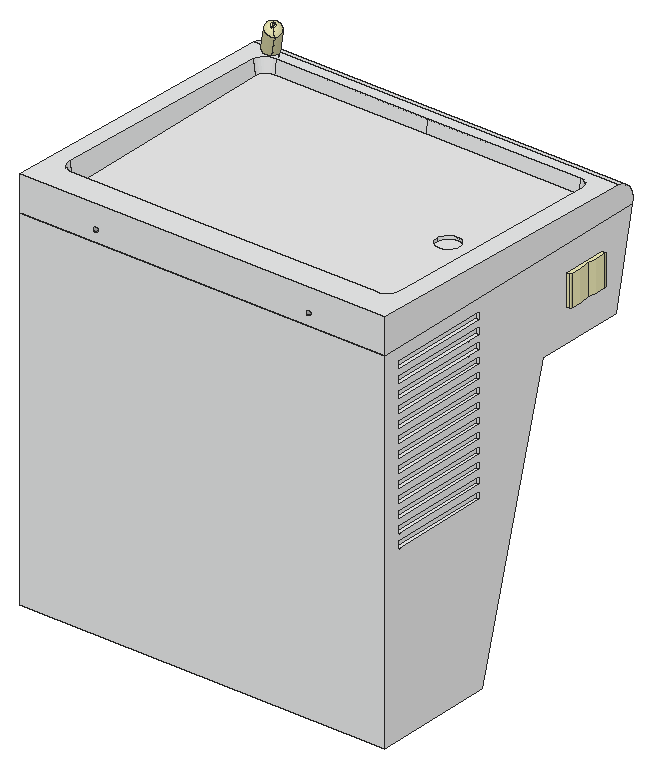
Revit family
Parameters (values of type "Adult Height")
  Wattage = 280
  Water Temperature = 50
  Waste Connection = yes
  Warranty Duration (Years) = 2
  Voltage = 120
  Vent Connection = no
  URL = "http://www.arcat.com/"
  Test Data = ""
  Specification = "http://www.arcat.com/divs/sec/sec15410.shtml"
  Sales Information = ""
  Rated Capacity (GPH) = 3.25
  Product Properties = "http://www.arcat.com/bim/bim_info.pl?fn=Drinking-Fountain_Wall-mnt"
  Product Data = "http://www.arcat.com/divs/sec/sec15410.shtml"
  Pre-Cooler = yes
  Mounting Height [instance] = 4' - 0"
  Model = "Generic"  # constant formula
  Manufacturer Website = "http://www.arcat.com/"
  Manufacturer Phone - Toll Free = ""
  Manufacturer Phone = "(203) 929-9444"  # constant formula
  Manufacturer Fax = "(203) 929-2444"  # constant formula
  Manufacturer Email = "bim@arcat.com"  # constant formula
  Manufacturer Address = "1077 Bridgeport Ave, Shelton, CT  06484"  # constant formula
  Manufacturer = "Generic"  # constant formula
  Maintenance Schedule (Months) = 12
  Keynote = "15410"
  Installation_Fabrication = ""
  Installation Phase = ""
  Handle Material = ARCAT - Metal - Brass, Polished
  HW Connection = no
  Green Building - LEED = "http://www.arcat.com/green/green_building.shtml"
  Fixture Material = ARCAT - Ceramic
  Expected Lifespan (Years) = 10
  Drawn By = "Robert S. Weygant, CSI, CDT, SCIP"  # constant formula
  Description = "Wall Mounted Drinking Fountain"  # constant formula
  Copyright = "2008, ARCAT, Inc."  # constant formula
  Construction Details = "http://www.arcat.com/divs/sec/sec15410.shtml"
  CW Connection = yes
  Building Codes = ""
  Assembly Code = "D2010810"
  Amperage = 3.3
Types (3): name | Waste Connection | Mounting Height | CW Connection
  (no name) | yes | 4' - 0" | yes
  Adult Height | yes | 4' - 0" | yes
  Child Height | no | 3' - 0" | no
Reference planes (in)
  plane 1: y = 0
  plane 2 "Center (Left/Right)": x = 0
  plane 3 "Wall Edge": y = 3
  plane 4: y = 13.20711
  plane 5: y = 20.41435
  plane 6: x = 40.05908
  plane 7: x = -40.03467
  plane 8: z = 48
  plane 9: y = 13.20711
  plane 10: y = 20.41435
  plane 11: z = 52.89893
Forms (in)
  Extrusion 1, solid, material "ARCAT - Ceramic" <- "Fixture Material"
    sketch origin (-12, 0, -4.89893) x (0, 1, 0) y (0, 0, 1)
      loop
        line (3, 29) -> (11, 29) -> (15.96147, 46.30271) -> (21.96147, 46.30271) -> (23.31118, 52.14893) -> (3, 52.14893) -> (3, 29)
    from 0 to 24
  Extrusion 2, solid, material "ARCAT - Ceramic" <- "Fixture Material"
    sketch origin (-12, 0, -4.89893) x (0, 1, 0) y (0, 0, 1)
      loop
        arc (23.31118, 52.14893) -> (23.16355, 53.20236) -> (22.23827, 53.72712) r 1.2033
        arc (22.23827, 53.72712) -> (12.62303, 54.17447) -> (3, 54.39893) r 415.44536
        line (3, 54.39893) -> (3, 52.14893) -> (23.31118, 52.14893)
    from 0 to 24
  Blend 3, void
    base sketch origin (0, 0, 48) x (1, 0, 0) y (0, 1, 0)
      loop
        line (0, 5) -> (10, 5)
        arc (10, 5) -> (10.5, 5.20711) -> (10.70711, 5.70711) r 0.70711
        line (10.70711, 5.70711) -> (10.70711, 20.70711)
        arc (10.70711, 20.70711) -> (10.5, 21.20711) -> (10, 21.41421) r 0.70711
        line (10, 21.41421) -> (0, 21.41421) -> (-10, 21.41421)
        arc (-10, 21.41421) -> (-10.5, 21.20711) -> (-10.70711, 20.70711) r 0.70711
        line (-10.70711, 20.70711) -> (-10.70711, 5.70711)
        arc (-10.70711, 5.70711) -> (-10.5, 5.20711) -> (-10, 5) r 0.70711
        line (-10, 5) -> (0, 5)
    top sketch origin (0, 0, 48) x (1, 0, 0) y (0, 1, 0)
      loop
        line (10.95711, 5.70711) -> (10.95711, 20.70711)
        arc (10.95711, 20.70711) -> (10.67678, 21.38388) -> (10, 21.66421) r 0.95711
        line (10, 21.66421) -> (0, 21.66421) -> (-10, 21.66421)
        arc (-10, 21.66421) -> (-10.67678, 21.38388) -> (-10.95711, 20.70711) r 0.95711
        line (-10.95711, 20.70711) -> (-10.95711, 5.70711)
        arc (-10.95711, 5.70711) -> (-10.67678, 5.03033) -> (-10, 4.75) r 0.95711
        line (-10, 4.75) -> (0, 4.75) -> (10, 4.75)
        arc (10, 4.75) -> (10.67678, 5.03033) -> (10.95711, 5.70711) r 0.95711
    from 0 to 2
  Extrusion 4, void
    sketch origin (11.75, 0, -4.89893) x (0, 1, 0) y (0, 0, 1)
      loop
        line (4.03935, 51.35234) -> (4.03935, 50.85234) -> (10.78935, 50.85234) -> (10.78935, 51.35234) -> (4.03935, 51.35234)
    from 0 to 0.25
  Extrusion 5, void
    sketch origin (11.75, 0, -5.78114) x (0, 1, 0) y (0, 0, 1)
      loop
        line (4.03935, 51.35234) -> (4.03935, 50.85234) -> (10.78935, 50.85234) -> (10.78935, 51.35234) -> (4.03935, 51.35234)
    from 0 to 0.25
  Extrusion 6, void
    sketch origin (11.75, 0, -6.66335) x (0, 1, 0) y (0, 0, 1)
      loop
        line (4.03935, 51.35234) -> (4.03935, 50.85234) -> (10.78935, 50.85234) -> (10.78935, 51.35234) -> (4.03935, 51.35234)
    from 0 to 0.25
  Extrusion 7, void
    sketch origin (11.75, 0, -7.54556) x (0, 1, 0) y (0, 0, 1)
      loop
        line (4.03935, 51.35234) -> (4.03935, 50.85234) -> (10.78935, 50.85234) -> (10.78935, 51.35234) -> (4.03935, 51.35234)
    from 0 to 0.25
  Extrusion 8, void
    sketch origin (11.75, 0, -8.42777) x (0, 1, 0) y (0, 0, 1)
      loop
        line (4.03935, 51.35234) -> (4.03935, 50.85234) -> (10.78935, 50.85234) -> (10.78935, 51.35234) -> (4.03935, 51.35234)
    from 0 to 0.25
  Extrusion 9, void
    sketch origin (11.75, 0, -9.30998) x (0, 1, 0) y (0, 0, 1)
      loop
        line (4.03935, 51.35234) -> (4.03935, 50.85234) -> (10.78935, 50.85234) -> (10.78935, 51.35234) -> (4.03935, 51.35234)
    from 0 to 0.25
  Extrusion 10, void
    sketch origin (11.75, 0, -10.19219) x (0, 1, 0) y (0, 0, 1)
      loop
        line (4.03935, 51.35234) -> (4.03935, 50.85234) -> (10.78935, 50.85234) -> (10.78935, 51.35234) -> (4.03935, 51.35234)
    from 0 to 0.25
  Extrusion 11, void
    sketch origin (11.75, 0, -11.0744) x (0, 1, 0) y (0, 0, 1)
      loop
        line (4.03935, 51.35234) -> (4.03935, 50.85234) -> (10.78935, 50.85234) -> (10.78935, 51.35234) -> (4.03935, 51.35234)
    from 0 to 0.25
  Extrusion 12, void
    sketch origin (11.75, 0, -11.95661) x (0, 1, 0) y (0, 0, 1)
      loop
        line (4.03935, 51.35234) -> (4.03935, 50.85234) -> (10.78935, 50.85234) -> (10.78935, 51.35234) -> (4.03935, 51.35234)
    from 0 to 0.25
  Extrusion 13, void
    sketch origin (11.75, 0, -12.83882) x (0, 1, 0) y (0, 0, 1)
      loop
        line (4.03935, 51.35234) -> (4.03935, 50.85234) -> (10.78935, 50.85234) -> (10.78935, 51.35234) -> (4.03935, 51.35234)
    from 0 to 0.25
  Extrusion 14, void
    sketch origin (11.75, 0, -13.72103) x (0, 1, 0) y (0, 0, 1)
      loop
        line (4.03935, 51.35234) -> (4.03935, 50.85234) -> (10.78935, 50.85234) -> (10.78935, 51.35234) -> (4.03935, 51.35234)
    from 0 to 0.25
  Extrusion 15, void
    sketch origin (11.75, 0, -14.60324) x (0, 1, 0) y (0, 0, 1)
      loop
        line (4.03935, 51.35234) -> (4.03935, 50.85234) -> (10.78935, 50.85234) -> (10.78935, 51.35234) -> (4.03935, 51.35234)
    from 0 to 0.25
  Extrusion 16, void
    sketch origin (11.75, 0, -15.48545) x (0, 1, 0) y (0, 0, 1)
      loop
        line (4.03935, 51.35234) -> (4.03935, 50.85234) -> (10.78935, 50.85234) -> (10.78935, 51.35234) -> (4.03935, 51.35234)
    from 0 to 0.25
  Extrusion 17, void
    sketch origin (-11.75, 0, -4.89893) x (0, 1, 0) y (0, 0, -1)
      loop
        line (4.03935, -51.35234) -> (10.78935, -51.35234) -> (10.78935, -50.85234) -> (4.03935, -50.85234) -> (4.03935, -51.35234)
    from 0 to 0.25
  Extrusion 18, void
    sketch origin (-11.75, 0, -5.78114) x (0, 1, 0) y (0, 0, -1)
      loop
        line (4.03935, -51.35234) -> (10.78935, -51.35234) -> (10.78935, -50.85234) -> (4.03935, -50.85234) -> (4.03935, -51.35234)
    from 0 to 0.25
  Extrusion 19, void
    sketch origin (-11.75, 0, -6.66335) x (0, 1, 0) y (0, 0, -1)
      loop
        line (4.03935, -51.35234) -> (10.78935, -51.35234) -> (10.78935, -50.85234) -> (4.03935, -50.85234) -> (4.03935, -51.35234)
    from 0 to 0.25
  Extrusion 20, void
    sketch origin (-11.75, 0, -7.54556) x (0, 1, 0) y (0, 0, -1)
      loop
        line (4.03935, -51.35234) -> (10.78935, -51.35234) -> (10.78935, -50.85234) -> (4.03935, -50.85234) -> (4.03935, -51.35234)
    from 0 to 0.25
  Extrusion 21, void
    sketch origin (-11.75, 0, -8.42777) x (0, 1, 0) y (0, 0, -1)
      loop
        line (4.03935, -51.35234) -> (10.78935, -51.35234) -> (10.78935, -50.85234) -> (4.03935, -50.85234) -> (4.03935, -51.35234)
    from 0 to 0.25
  Extrusion 22, void
    sketch origin (-11.75, 0, -9.30998) x (0, 1, 0) y (0, 0, -1)
      loop
        line (4.03935, -51.35234) -> (10.78935, -51.35234) -> (10.78935, -50.85234) -> (4.03935, -50.85234) -> (4.03935, -51.35234)
    from 0 to 0.25
  Extrusion 23, void
    sketch origin (-11.75, 0, -10.19219) x (0, 1, 0) y (0, 0, -1)
      loop
        line (4.03935, -51.35234) -> (10.78935, -51.35234) -> (10.78935, -50.85234) -> (4.03935, -50.85234) -> (4.03935, -51.35234)
    from 0 to 0.25
  Extrusion 24, void
    sketch origin (-11.75, 0, -11.0744) x (0, 1, 0) y (0, 0, -1)
      loop
        line (4.03935, -51.35234) -> (10.78935, -51.35234) -> (10.78935, -50.85234) -> (4.03935, -50.85234) -> (4.03935, -51.35234)
    from 0 to 0.25
  Extrusion 25, void
    sketch origin (-11.75, 0, -11.95661) x (0, 1, 0) y (0, 0, -1)
      loop
        line (4.03935, -51.35234) -> (10.78935, -51.35234) -> (10.78935, -50.85234) -> (4.03935, -50.85234) -> (4.03935, -51.35234)
    from 0 to 0.25
  Extrusion 26, void
    sketch origin (-11.75, 0, -12.83882) x (0, 1, 0) y (0, 0, -1)
      loop
        line (4.03935, -51.35234) -> (10.78935, -51.35234) -> (10.78935, -50.85234) -> (4.03935, -50.85234) -> (4.03935, -51.35234)
    from 0 to 0.25
  Extrusion 27, void
    sketch origin (-11.75, 0, -13.72103) x (0, 1, 0) y (0, 0, -1)
      loop
        line (4.03935, -51.35234) -> (10.78935, -51.35234) -> (10.78935, -50.85234) -> (4.03935, -50.85234) -> (4.03935, -51.35234)
    from 0 to 0.25
  Extrusion 28, void
    sketch origin (-11.75, 0, -14.60324) x (0, 1, 0) y (0, 0, -1)
      loop
        line (4.03935, -51.35234) -> (10.78935, -51.35234) -> (10.78935, -50.85234) -> (4.03935, -50.85234) -> (4.03935, -51.35234)
    from 0 to 0.25
  Extrusion 29, void
    sketch origin (-11.75, 0, -15.48545) x (0, 1, 0) y (0, 0, -1)
      loop
        line (4.03935, -51.35234) -> (10.78935, -51.35234) -> (10.78935, -50.85234) -> (4.03935, -50.85234) -> (4.03935, -51.35234)
    from 0 to 0.25
  Extrusion 30, solid, material "ARCAT - Metal - Brass, Polished" <- "Handle Material"
    sketch origin (0, 0.5, 43.60107) x (1, 0, 0) y (0, 1, 0)
      loop
        line (-7, 21.96147) -> (7, 21.96147) -> (7, 22.46147)
        arc (7, 22.46147) -> (6.89645, 22.71147) -> (6.64645, 22.81503) r 0.35355
        arc (6.64645, 22.81503) -> (3.32585, 23.00637) -> (0, 23.04712) r 73.42198
        arc (0, 23.04712) -> (-3.32585, 23.00637) -> (-6.64645, 22.81503) r 73.42198
        arc (-6.64645, 22.81503) -> (-6.89645, 22.71147) -> (-7, 22.46147) r 0.35355
        line (-7, 22.46147) -> (-7, 21.96147)
    from 0 to 2
  Extrusion 31, solid, material "ARCAT - Metal - Brass, Polished" <- "Handle Material"
    sketch origin (0, 0, 43.60107) x (1, 0, 0) y (0, 1, 0)
      loop
        line (12, 20.78935) -> (12, 17.86902) -> (12.24769, 17.86902)
        arc (12.24769, 17.86902) -> (12.31507, 17.90868) -> (12.31311, 17.98683) r 0.07707
        arc (12.31311, 17.98683) -> (12.33964, 18.68806) -> (12.26078, 19.38534) r 4.66931
        arc (12.26078, 19.38534) -> (12.32288, 20.01881) -> (12.29825, 20.65483) r 4.66931
        arc (12.29825, 20.65483) -> (12.31887, 20.73977) -> (12.24688, 20.78935) r 0.07707
        line (12.24688, 20.78935) -> (12, 20.78935)
    from 0 to 2
  Extrusion 32, void
    sketch origin (0, 1.43498, 47.8195) x (1, 0, 0) y (0, 1, 0)
      loop
        circle (8.00729, 11.77213) r 0.75
    from 0 to 0.25
  Revolve 33, solid, material "ARCAT - Metal - Brass, Polished" <- "Handle Material"
    sketch origin (-2.97853, 14.51895, -5.55101) x (0.717677, -0.696376, 0) y (0, 0, 1)
      loop
        line (-11.702, 54.1807) -> (-11.27902, 53.91639) -> (-9.698, 56.44655) -> (-9.7574, 56.48367) -> (-9.68736, 56.59575) -> (-9.76176, 56.64224)
        arc (-9.76176, 56.64224) -> (-10.01041, 56.60429) -> (-10.24472, 56.51283) r 1.14217
        line (-10.24472, 56.51283) -> (-11.702, 54.1807)
      axis (-11.27902, 53.91639) -> (-9.62796, 56.55864)
    angle from 0 to 360
  Extrusion 34, solid, material "ARCAT - Ceramic" <- "Fixture Material", not visible
    sketch origin (-12, 0, 0) x (0, 1, 0) y (0, 0, 1)
      loop
        line (3, 29) -> (11, 29) -> (15.96147, 46.30271) -> (21.96147, 46.30271) -> (23.31118, 52.14893) -> (3, 52.14893) -> (3, 29)
    from 0 to 24
  Extrusion 35, solid, material "ARCAT - Ceramic" <- "Fixture Material", not visible
    sketch origin (-12, 0, 0) x (0, 1, 0) y (0, 0, 1)
      loop
        arc (23.31118, 52.14893) -> (23.16355, 53.20236) -> (22.23827, 53.72712) r 1.2033
        arc (22.23827, 53.72712) -> (12.62303, 54.17447) -> (3, 54.39893) r 415.44536
        line (3, 54.39893) -> (3, 52.14893) -> (23.31118, 52.14893)
    from 0 to 24
  Blend 36, void, not visible
    base sketch origin (0, 0, 52.89893) x (1, 0, 0) y (0, 1, 0)
      loop
        line (0, 5) -> (10, 5)
        arc (10, 5) -> (10.5, 5.20711) -> (10.70711, 5.70711) r 0.70711
        line (10.70711, 5.70711) -> (10.70711, 20.70711)
        arc (10.70711, 20.70711) -> (10.5, 21.20711) -> (10, 21.41421) r 0.70711
        line (10, 21.41421) -> (0, 21.41421) -> (-10, 21.41421)
        arc (-10, 21.41421) -> (-10.5, 21.20711) -> (-10.70711, 20.70711) r 0.70711
        line (-10.70711, 20.70711) -> (-10.70711, 5.70711)
        arc (-10.70711, 5.70711) -> (-10.5, 5.20711) -> (-10, 5) r 0.70711
        line (-10, 5) -> (0, 5)
    top sketch origin (0, 0, 52.89893) x (1, 0, 0) y (0, 1, 0)
      loop
        line (10.95711, 5.70711) -> (10.95711, 20.70711)
        arc (10.95711, 20.70711) -> (10.67678, 21.38388) -> (10, 21.66421) r 0.95711
        line (10, 21.66421) -> (0, 21.66421) -> (-10, 21.66421)
        arc (-10, 21.66421) -> (-10.67678, 21.38388) -> (-10.95711, 20.70711) r 0.95711
        line (-10.95711, 20.70711) -> (-10.95711, 5.70711)
        arc (-10.95711, 5.70711) -> (-10.67678, 5.03033) -> (-10, 4.75) r 0.95711
        line (-10, 4.75) -> (0, 4.75) -> (10, 4.75)
        arc (10, 4.75) -> (10.67678, 5.03033) -> (10.95711, 5.70711) r 0.95711
    from 0 to 2
  Extrusion 37, void, not visible
    sketch origin (11.75, 0, 0) x (0, 1, 0) y (0, 0, 1)
      loop
        line (4.03935, 51.35234) -> (4.03935, 50.85234) -> (10.78935, 50.85234) -> (10.78935, 51.35234) -> (4.03935, 51.35234)
    from 0 to 0.25
  Extrusion 38, void, not visible
    sketch origin (11.75, 0, -0.88221) x (0, 1, 0) y (0, 0, 1)
      loop
        line (4.03935, 51.35234) -> (4.03935, 50.85234) -> (10.78935, 50.85234) -> (10.78935, 51.35234) -> (4.03935, 51.35234)
    from 0 to 0.25
  Extrusion 39, void, not visible
    sketch origin (11.75, 0, -1.76442) x (0, 1, 0) y (0, 0, 1)
      loop
        line (4.03935, 51.35234) -> (4.03935, 50.85234) -> (10.78935, 50.85234) -> (10.78935, 51.35234) -> (4.03935, 51.35234)
    from 0 to 0.25
  Extrusion 40, void, not visible
    sketch origin (11.75, 0, -2.64663) x (0, 1, 0) y (0, 0, 1)
      loop
        line (4.03935, 51.35234) -> (4.03935, 50.85234) -> (10.78935, 50.85234) -> (10.78935, 51.35234) -> (4.03935, 51.35234)
    from 0 to 0.25
  Extrusion 41, void, not visible
    sketch origin (11.75, 0, -3.52884) x (0, 1, 0) y (0, 0, 1)
      loop
        line (4.03935, 51.35234) -> (4.03935, 50.85234) -> (10.78935, 50.85234) -> (10.78935, 51.35234) -> (4.03935, 51.35234)
    from 0 to 0.25
  Extrusion 42, void, not visible
    sketch origin (11.75, 0, -4.41105) x (0, 1, 0) y (0, 0, 1)
      loop
        line (4.03935, 51.35234) -> (4.03935, 50.85234) -> (10.78935, 50.85234) -> (10.78935, 51.35234) -> (4.03935, 51.35234)
    from 0 to 0.25
  Extrusion 43, void, not visible
    sketch origin (11.75, 0, -5.29326) x (0, 1, 0) y (0, 0, 1)
      loop
        line (4.03935, 51.35234) -> (4.03935, 50.85234) -> (10.78935, 50.85234) -> (10.78935, 51.35234) -> (4.03935, 51.35234)
    from 0 to 0.25
  Extrusion 44, void, not visible
    sketch origin (11.75, 0, -6.17547) x (0, 1, 0) y (0, 0, 1)
      loop
        line (4.03935, 51.35234) -> (4.03935, 50.85234) -> (10.78935, 50.85234) -> (10.78935, 51.35234) -> (4.03935, 51.35234)
    from 0 to 0.25
  Extrusion 45, void, not visible
    sketch origin (11.75, 0, -7.05768) x (0, 1, 0) y (0, 0, 1)
      loop
        line (4.03935, 51.35234) -> (4.03935, 50.85234) -> (10.78935, 50.85234) -> (10.78935, 51.35234) -> (4.03935, 51.35234)
    from 0 to 0.25
  Extrusion 46, void, not visible
    sketch origin (11.75, 0, -7.93989) x (0, 1, 0) y (0, 0, 1)
      loop
        line (4.03935, 51.35234) -> (4.03935, 50.85234) -> (10.78935, 50.85234) -> (10.78935, 51.35234) -> (4.03935, 51.35234)
    from 0 to 0.25
  Extrusion 47, void, not visible
    sketch origin (11.75, 0, -8.8221) x (0, 1, 0) y (0, 0, 1)
      loop
        line (4.03935, 51.35234) -> (4.03935, 50.85234) -> (10.78935, 50.85234) -> (10.78935, 51.35234) -> (4.03935, 51.35234)
    from 0 to 0.25
  Extrusion 48, void, not visible
    sketch origin (11.75, 0, -9.70431) x (0, 1, 0) y (0, 0, 1)
      loop
        line (4.03935, 51.35234) -> (4.03935, 50.85234) -> (10.78935, 50.85234) -> (10.78935, 51.35234) -> (4.03935, 51.35234)
    from 0 to 0.25
  Extrusion 49, void, not visible
    sketch origin (11.75, 0, -10.58652) x (0, 1, 0) y (0, 0, 1)
      loop
        line (4.03935, 51.35234) -> (4.03935, 50.85234) -> (10.78935, 50.85234) -> (10.78935, 51.35234) -> (4.03935, 51.35234)
    from 0 to 0.25
  Extrusion 50, void, not visible
    sketch origin (-11.75, 0, 0) x (0, 1, 0) y (0, 0, -1)
      loop
        line (4.03935, -51.35234) -> (10.78935, -51.35234) -> (10.78935, -50.85234) -> (4.03935, -50.85234) -> (4.03935, -51.35234)
    from 0 to 0.25
  Extrusion 51, void, not visible
    sketch origin (-11.75, 0, -0.88221) x (0, 1, 0) y (0, 0, -1)
      loop
        line (4.03935, -51.35234) -> (10.78935, -51.35234) -> (10.78935, -50.85234) -> (4.03935, -50.85234) -> (4.03935, -51.35234)
    from 0 to 0.25
  Extrusion 52, void, not visible
    sketch origin (-11.75, 0, -1.76442) x (0, 1, 0) y (0, 0, -1)
      loop
        line (4.03935, -51.35234) -> (10.78935, -51.35234) -> (10.78935, -50.85234) -> (4.03935, -50.85234) -> (4.03935, -51.35234)
    from 0 to 0.25
  Extrusion 53, void, not visible
    sketch origin (-11.75, 0, -2.64663) x (0, 1, 0) y (0, 0, -1)
      loop
        line (4.03935, -51.35234) -> (10.78935, -51.35234) -> (10.78935, -50.85234) -> (4.03935, -50.85234) -> (4.03935, -51.35234)
    from 0 to 0.25
  Extrusion 54, void, not visible
    sketch origin (-11.75, 0, -3.52884) x (0, 1, 0) y (0, 0, -1)
      loop
        line (4.03935, -51.35234) -> (10.78935, -51.35234) -> (10.78935, -50.85234) -> (4.03935, -50.85234) -> (4.03935, -51.35234)
    from 0 to 0.25
  Extrusion 55, void, not visible
    sketch origin (-11.75, 0, -4.41105) x (0, 1, 0) y (0, 0, -1)
      loop
        line (4.03935, -51.35234) -> (10.78935, -51.35234) -> (10.78935, -50.85234) -> (4.03935, -50.85234) -> (4.03935, -51.35234)
    from 0 to 0.25
  Extrusion 56, void, not visible
    sketch origin (-11.75, 0, -5.29326) x (0, 1, 0) y (0, 0, -1)
      loop
        line (4.03935, -51.35234) -> (10.78935, -51.35234) -> (10.78935, -50.85234) -> (4.03935, -50.85234) -> (4.03935, -51.35234)
    from 0 to 0.25
  Extrusion 57, void, not visible
    sketch origin (-11.75, 0, -6.17547) x (0, 1, 0) y (0, 0, -1)
      loop
        line (4.03935, -51.35234) -> (10.78935, -51.35234) -> (10.78935, -50.85234) -> (4.03935, -50.85234) -> (4.03935, -51.35234)
    from 0 to 0.25
  Extrusion 58, void, not visible
    sketch origin (-11.75, 0, -7.05768) x (0, 1, 0) y (0, 0, -1)
      loop
        line (4.03935, -51.35234) -> (10.78935, -51.35234) -> (10.78935, -50.85234) -> (4.03935, -50.85234) -> (4.03935, -51.35234)
    from 0 to 0.25
  Extrusion 59, void, not visible
    sketch origin (-11.75, 0, -7.93989) x (0, 1, 0) y (0, 0, -1)
      loop
        line (4.03935, -51.35234) -> (10.78935, -51.35234) -> (10.78935, -50.85234) -> (4.03935, -50.85234) -> (4.03935, -51.35234)
    from 0 to 0.25
  Extrusion 60, void, not visible
    sketch origin (-11.75, 0, -8.8221) x (0, 1, 0) y (0, 0, -1)
      loop
        line (4.03935, -51.35234) -> (10.78935, -51.35234) -> (10.78935, -50.85234) -> (4.03935, -50.85234) -> (4.03935, -51.35234)
    from 0 to 0.25
  Extrusion 61, void, not visible
    sketch origin (-11.75, 0, -9.70431) x (0, 1, 0) y (0, 0, -1)
      loop
        line (4.03935, -51.35234) -> (10.78935, -51.35234) -> (10.78935, -50.85234) -> (4.03935, -50.85234) -> (4.03935, -51.35234)
    from 0 to 0.25
  Extrusion 62, void, not visible
    sketch origin (-11.75, 0, -10.58652) x (0, 1, 0) y (0, 0, -1)
      loop
        line (4.03935, -51.35234) -> (10.78935, -51.35234) -> (10.78935, -50.85234) -> (4.03935, -50.85234) -> (4.03935, -51.35234)
    from 0 to 0.25
  Extrusion 63, solid, material "ARCAT - Metal - Brass, Polished" <- "Handle Material", not visible
    sketch origin (0, 0.5, 48.5) x (1, 0, 0) y (0, 1, 0)
      loop
        line (-7, 21.96147) -> (7, 21.96147) -> (7, 22.46147)
        arc (7, 22.46147) -> (6.89645, 22.71147) -> (6.64645, 22.81503) r 0.35355
        arc (6.64645, 22.81503) -> (3.32585, 23.00637) -> (0, 23.04712) r 73.42198
        arc (0, 23.04712) -> (-3.32585, 23.00637) -> (-6.64645, 22.81503) r 73.42198
        arc (-6.64645, 22.81503) -> (-6.89645, 22.71147) -> (-7, 22.46147) r 0.35355
        line (-7, 22.46147) -> (-7, 21.96147)
    from 0 to 2
  Extrusion 64, solid, material "ARCAT - Metal - Brass, Polished" <- "Handle Material", not visible
    sketch origin (0, 0, 48.5) x (1, 0, 0) y (0, 1, 0)
      loop
        line (12, 20.78935) -> (12, 17.86902) -> (12.24769, 17.86902)
        arc (12.24769, 17.86902) -> (12.31507, 17.90868) -> (12.31311, 17.98683) r 0.07707
        arc (12.31311, 17.98683) -> (12.33964, 18.68806) -> (12.26078, 19.38534) r 4.66931
        arc (12.26078, 19.38534) -> (12.32288, 20.01881) -> (12.29825, 20.65483) r 4.66931
        arc (12.29825, 20.65483) -> (12.31887, 20.73977) -> (12.24688, 20.78935) r 0.07707
        line (12.24688, 20.78935) -> (12, 20.78935)
    from 0 to 2
  Extrusion 65, void, not visible
    sketch origin (0, 1.43498, 52.71843) x (1, 0, 0) y (0, 1, 0)
      loop
        circle (8.00729, 11.77213) r 0.75
    from 0 to 0.25
  Revolve 66, solid, material "ARCAT - Metal - Brass, Polished" <- "Handle Material", not visible
    sketch origin (-2.97853, 14.51895, -0.65208) x (0.717677, -0.696376, 0) y (0, 0, 1)
      loop
        line (-11.702, 54.1807) -> (-11.27902, 53.91639) -> (-9.698, 56.44655) -> (-9.7574, 56.48367) -> (-9.68736, 56.59575) -> (-9.76176, 56.64224)
        arc (-9.76176, 56.64224) -> (-10.01041, 56.60429) -> (-10.24472, 56.51283) r 1.14217
        line (-10.24472, 56.51283) -> (-11.702, 54.1807)
      axis (-11.27902, 53.91639) -> (-9.62796, 56.55864)
    angle from 0 to 360
Cuts and joins
  Blend 3, Extrusion 4, Extrusion 5, Extrusion 6, Extrusion 7, Extrusion 8, Extrusion 9, Extrusion 10, Extrusion 11, Extrusion 12, Extrusion 13, Extrusion 14, Extrusion 15, Extrusion 16, Extrusion 17, Extrusion 18, Extrusion 19, Extrusion 20, Extrusion 21, Extrusion 22, Extrusion 23, Extrusion 24, Extrusion 25, Extrusion 26, Extrusion 27, Extrusion 28, Extrusion 29, Extrusion 32 cuts Extrusion 1
  Blend 3, Extrusion 32 cuts Extrusion 2
Text (in)
  text "Placement Side" at (0, 40.15149, 123.01588), in view "Right"
  text "Interior" at (-70.3804, 43.46503, 0), in view "A101 - Plan View"
  text "Placement Side" at (0, 81.62555, 140.59947), in view "A203 - Side Elevation"
  text "Exterior" at (-70.3804, -25.35355, 0), in view "A101 - Plan View"
Dimensions and locks (in)
  locked: plane 3 "Wall Edge" to host wall
  plane 7 to plane 6 = 6' - 8 3/32"
  "Gross Width": plane 7 to plane 6
  "Mounting Height": level to plane 8
  aligned and locked: plane 8 to cut or joined group of Extrusion 2, Blend 3, Extrusion 32
  aligned and locked: nested 1 to plane 8
  aligned and locked: nested 2 to plane 8
Automatic sketch dimensions
  Extrusion 1 sketch curve to Extrusion 1 sketch curve = 0' - 8"
  Extrusion 1 sketch curve to plane 8 = 0' - 6.59622"
  Extrusion 1 sketch curve to Extrusion 1 sketch curve = 0' - 6"
  Extrusion 1 sketch curve to plane 8 = 0' - 0 3/4"
  Extrusion 1 sketch curve to Extrusion 1 sketch curve = 0' - 1.34971"
  Extrusion 1 sketch curve to Extrusion 1 sketch curve = 1' - 5.30271"
  Extrusion 2 sketch curve to plane 8 = 0' - 0.37309"
  plane 8 to Extrusion 2 sketch curve = 0' - 0.82818"
  Extrusion 2 sketch curve to Extrusion 2 sketch curve = 0' - 0.06984"
  Extrusion 2 sketch curve to Extrusion 2 sketch curve = 0' - 0"
  Extrusion 2 sketch curve to plane 8 = 0' - 0 3/4"
  Blend 3 sketch curve to Blend 3 sketch curve = 0' - 10"  (x8)
  Blend 3 sketch curve to Blend 3 sketch curve = 0' - 0.70711"  (x2)
  plane 4 to Blend 3 sketch curve = 0' - 7 1/2"  (x2)
  Blend 3 sketch curve to Blend 3 sketch curve = 0' - 0.95711"  (x3)
  Blend 3 sketch curve to Blend 3 sketch curve = 1' - 3"
  Extrusion 4 sketch curve to plane 8 = 0' - 2.04659"
  Extrusion 4 sketch curve to Extrusion 4 sketch curve = 0' - 6 3/4"
  Extrusion 4 sketch curve to Extrusion 4 sketch curve = 0' - 0 1/2"
  Extrusion 5 sketch curve to plane 8 = 0' - 2.9288"
  Extrusion 5 sketch curve to Extrusion 5 sketch curve = 0' - 6 3/4"
  Extrusion 5 sketch curve to Extrusion 5 sketch curve = 0' - 0 1/2"
  Extrusion 6 sketch curve to Extrusion 6 sketch curve = 0' - 6 3/4"
  Extrusion 6 sketch curve to plane 8 = 0' - 3.81101"
  Extrusion 6 sketch curve to Extrusion 6 sketch curve = 0' - 0 1/2"
  Extrusion 7 sketch curve to Extrusion 7 sketch curve = 0' - 6 3/4"
  Extrusion 7 sketch curve to plane 8 = 0' - 4.69322"
  Extrusion 7 sketch curve to Extrusion 7 sketch curve = 0' - 0 1/2"
  Extrusion 8 sketch curve to Extrusion 8 sketch curve = 0' - 6 3/4"
  Extrusion 8 sketch curve to plane 8 = 0' - 5.57543"
  Extrusion 8 sketch curve to Extrusion 8 sketch curve = 0' - 0 1/2"
  Extrusion 9 sketch curve to Extrusion 9 sketch curve = 0' - 6 3/4"
  Extrusion 9 sketch curve to plane 8 = 0' - 6.45764"
  Extrusion 9 sketch curve to Extrusion 9 sketch curve = 0' - 0 1/2"
  Extrusion 10 sketch curve to Extrusion 10 sketch curve = 0' - 6 3/4"
  Extrusion 10 sketch curve to plane 8 = 0' - 7 87/256"
  Extrusion 10 sketch curve to Extrusion 10 sketch curve = 0' - 0 1/2"
  Extrusion 11 sketch curve to Extrusion 11 sketch curve = 0' - 6 3/4"
  Extrusion 11 sketch curve to plane 8 = 0' - 8.22206"
  Extrusion 11 sketch curve to Extrusion 11 sketch curve = 0' - 0 1/2"
  Extrusion 12 sketch curve to Extrusion 12 sketch curve = 0' - 6 3/4"
  Extrusion 12 sketch curve to plane 8 = 0' - 9.10427"
  Extrusion 12 sketch curve to Extrusion 12 sketch curve = 0' - 0 1/2"
  Extrusion 13 sketch curve to Extrusion 13 sketch curve = 0' - 6 3/4"
  Extrusion 13 sketch curve to plane 8 = 0' - 9.98648"
  Extrusion 13 sketch curve to Extrusion 13 sketch curve = 0' - 0 1/2"
  Extrusion 14 sketch curve to Extrusion 14 sketch curve = 0' - 6 3/4"
  Extrusion 14 sketch curve to plane 8 = 0' - 10.86869"
  Extrusion 14 sketch curve to Extrusion 14 sketch curve = 0' - 0 1/2"
  Extrusion 15 sketch curve to Extrusion 15 sketch curve = 0' - 6 3/4"
  Extrusion 15 sketch curve to plane 8 = 0' - 11.7509"
  Extrusion 15 sketch curve to Extrusion 15 sketch curve = 0' - 0 1/2"
  Extrusion 16 sketch curve to Extrusion 16 sketch curve = 0' - 6 3/4"
  Extrusion 16 sketch curve to plane 8 = 1' - 0.63311"
  Extrusion 16 sketch curve to Extrusion 16 sketch curve = 0' - 0 1/2"
  Extrusion 17 sketch curve to plane 8 = 0' - 2.04659"
  Extrusion 17 sketch curve to Extrusion 17 sketch curve = 0' - 6 3/4"
  Extrusion 17 sketch curve to Extrusion 17 sketch curve = 0' - 0 1/2"
  Extrusion 18 sketch curve to plane 8 = 0' - 2.9288"
  Extrusion 18 sketch curve to Extrusion 18 sketch curve = 0' - 6 3/4"
  Extrusion 18 sketch curve to Extrusion 18 sketch curve = 0' - 0 1/2"
  Extrusion 19 sketch curve to Extrusion 19 sketch curve = 0' - 6 3/4"
  Extrusion 19 sketch curve to plane 8 = 0' - 3.31101"
  Extrusion 19 sketch curve to Extrusion 19 sketch curve = 0' - 0 1/2"
  Extrusion 20 sketch curve to Extrusion 20 sketch curve = 0' - 6 3/4"
  Extrusion 20 sketch curve to plane 8 = 0' - 4.19322"
  Extrusion 20 sketch curve to Extrusion 20 sketch curve = 0' - 0 1/2"
  Extrusion 21 sketch curve to Extrusion 21 sketch curve = 0' - 6 3/4"
  Extrusion 21 sketch curve to plane 8 = 0' - 5.07543"
  Extrusion 21 sketch curve to Extrusion 21 sketch curve = 0' - 0 1/2"
  Extrusion 22 sketch curve to Extrusion 22 sketch curve = 0' - 6 3/4"
  Extrusion 22 sketch curve to plane 8 = 0' - 5.95764"
  Extrusion 22 sketch curve to Extrusion 22 sketch curve = 0' - 0 1/2"
  Extrusion 23 sketch curve to Extrusion 23 sketch curve = 0' - 6 3/4"
  Extrusion 23 sketch curve to plane 8 = 0' - 6 215/256"
  Extrusion 23 sketch curve to Extrusion 23 sketch curve = 0' - 0 1/2"
  Extrusion 24 sketch curve to Extrusion 24 sketch curve = 0' - 6 3/4"
  Extrusion 24 sketch curve to plane 8 = 0' - 7.72206"
  Extrusion 24 sketch curve to Extrusion 24 sketch curve = 0' - 0 1/2"
  Extrusion 25 sketch curve to Extrusion 25 sketch curve = 0' - 6 3/4"
  Extrusion 25 sketch curve to plane 8 = 0' - 8.60427"
  Extrusion 25 sketch curve to Extrusion 25 sketch curve = 0' - 0 1/2"
  Extrusion 26 sketch curve to Extrusion 26 sketch curve = 0' - 6 3/4"
  Extrusion 26 sketch curve to plane 8 = 0' - 9.48648"
  Extrusion 26 sketch curve to Extrusion 26 sketch curve = 0' - 0 1/2"
  Extrusion 27 sketch curve to Extrusion 27 sketch curve = 0' - 6 3/4"
  Extrusion 27 sketch curve to plane 8 = 0' - 10.36869"
  Extrusion 27 sketch curve to Extrusion 27 sketch curve = 0' - 0 1/2"
  Extrusion 28 sketch curve to Extrusion 28 sketch curve = 0' - 6 3/4"
  Extrusion 28 sketch curve to plane 8 = 0' - 11.2509"
  Extrusion 28 sketch curve to Extrusion 28 sketch curve = 0' - 0 1/2"
  Extrusion 29 sketch curve to Extrusion 29 sketch curve = 0' - 6 3/4"
  Extrusion 29 sketch curve to plane 8 = 1' - 0.13311"
  Extrusion 29 sketch curve to Extrusion 29 sketch curve = 0' - 0 1/2"
  Extrusion 30 sketch curve to Extrusion 30 sketch curve = 0' - 0.35355"  (x2)
  Extrusion 30 sketch curve to Extrusion 30 sketch curve = 0' - 0"
  Extrusion 30 sketch curve to Extrusion 30 sketch curve = 0' - 0 1/2"
  plane 5 to Extrusion 31 sketch curve = 0' - 0.25778"
  Extrusion 31 sketch curve to Extrusion 31 sketch curve = 0' - 0.018"
  Extrusion 31 sketch curve to plane 5 = 0' - 0 3/8"
  Extrusion 31 sketch curve to Extrusion 31 sketch curve = 0' - 4.3444"
  Extrusion 31 sketch curve to Extrusion 31 sketch curve = 0' - 0.24688"
  Extrusion 31 sketch curve to Extrusion 31 sketch curve = 0' - 0.24769"
  Extrusion 31 sketch curve to Extrusion 31 sketch curve = 0' - 0.0139"
  Extrusion 31 sketch curve to Extrusion 31 sketch curve = 0' - 0.05137"
  Extrusion 31 sketch curve to Extrusion 31 sketch curve = 0' - 0.06542"
  plane 5 to Extrusion 31 sketch curve = 0' - 1.02901"
  Extrusion 31 sketch curve to Extrusion 31 sketch curve = 0' - 1.64312"
  Extrusion 31 sketch curve to Extrusion 31 sketch curve = 0' - 0.04074"
  plane 8 to Revolve 33 sketch curve = 0' - 0.62969"
  plane 8 to Revolve 33 sketch curve = 0' - 0.36538"  (x2)
  Revolve 33 sketch curve to Revolve 33 sketch curve = 0' - 0.42298"
  Revolve 33 sketch curve to Revolve 33 sketch curve = 0' - 0"  (x2)
  Revolve 33 sketch curve to Revolve 33 sketch curve = 0' - 1.45728"
  plane 8 to Revolve 33 sketch curve = 0' - 3.09123"
  Revolve 33 sketch curve to Revolve 33 sketch curve = 0' - 0.48296"
  plane 8 to Revolve 33 sketch curve = 0' - 2.93265"
  Revolve 33 sketch curve to Revolve 33 sketch curve = 0' - 0.00436"
  Revolve 33 sketch curve to Revolve 33 sketch curve = 0' - 0.01679"
  plane 8 to Revolve 33 sketch curve = 0' - 2.89554"
  Extrusion 1 sketch curve to Extrusion 1 sketch curve = 1' - 0.96147"
  Extrusion 2 sketch curve to plane 8 = 34' - 5.91675"
  Extrusion 2 sketch curve to Extrusion 2 sketch curve = 1' - 7.16843"
  Blend 3 sketch curve to plane 4 = 0' - 7 1/2"
  Extrusion 30 sketch curve to Extrusion 30 sketch curve = 0' - 6.23654"
  Extrusion 30 sketch curve to Extrusion 30 sketch curve = 0' - 6.64645"  (x2)
  Extrusion 30 sketch curve to Extrusion 30 sketch curve = 0' - 1.52693"
  Extrusion 30 sketch curve to Extrusion 30 sketch curve = 6' - 0.33235"
  Extrusion 34 sketch curve to Extrusion 34 sketch curve = 0' - 8"
  Extrusion 34 sketch curve to plane 11 = 0' - 6.59622"
  Extrusion 34 sketch curve to Extrusion 34 sketch curve = 0' - 6"
  Extrusion 34 sketch curve to plane 11 = 0' - 0 3/4"
  Extrusion 34 sketch curve to Extrusion 34 sketch curve = 0' - 1.34971"
  Extrusion 34 sketch curve to Extrusion 34 sketch curve = 1' - 5.30271"
  Extrusion 35 sketch curve to plane 11 = 0' - 0.37309"
  plane 11 to Extrusion 35 sketch curve = 0' - 0.82818"
  Extrusion 35 sketch curve to Extrusion 35 sketch curve = 0' - 0.06984"
  Extrusion 35 sketch curve to Extrusion 35 sketch curve = 0' - 0"
  Extrusion 35 sketch curve to plane 11 = 0' - 0 3/4"
  Blend 36 sketch curve to Blend 36 sketch curve = 0' - 10"  (x8)
  Blend 36 sketch curve to Blend 36 sketch curve = 0' - 0.70711"  (x2)
  plane 9 to Blend 36 sketch curve = 0' - 7 1/2"  (x2)
  Blend 36 sketch curve to Blend 36 sketch curve = 0' - 0.95711"  (x3)
  Blend 36 sketch curve to Blend 36 sketch curve = 1' - 3"
  Extrusion 37 sketch curve to plane 11 = 0' - 2.04659"
  Extrusion 37 sketch curve to Extrusion 37 sketch curve = 0' - 6 3/4"
  Extrusion 37 sketch curve to Extrusion 37 sketch curve = 0' - 0 1/2"
  Extrusion 38 sketch curve to plane 11 = 0' - 2.9288"
  Extrusion 38 sketch curve to Extrusion 38 sketch curve = 0' - 6 3/4"
  Extrusion 38 sketch curve to Extrusion 38 sketch curve = 0' - 0 1/2"
  Extrusion 39 sketch curve to Extrusion 39 sketch curve = 0' - 6 3/4"
  Extrusion 39 sketch curve to plane 11 = 0' - 3.81101"
  Extrusion 39 sketch curve to Extrusion 39 sketch curve = 0' - 0 1/2"
  Extrusion 40 sketch curve to Extrusion 40 sketch curve = 0' - 6 3/4"
  Extrusion 40 sketch curve to plane 11 = 0' - 4.69322"
  Extrusion 40 sketch curve to Extrusion 40 sketch curve = 0' - 0 1/2"
  Extrusion 41 sketch curve to Extrusion 41 sketch curve = 0' - 6 3/4"
  Extrusion 41 sketch curve to plane 11 = 0' - 5.57543"
  Extrusion 41 sketch curve to Extrusion 41 sketch curve = 0' - 0 1/2"
  Extrusion 42 sketch curve to Extrusion 42 sketch curve = 0' - 6 3/4"
  Extrusion 42 sketch curve to plane 11 = 0' - 6.45764"
  Extrusion 42 sketch curve to Extrusion 42 sketch curve = 0' - 0 1/2"
  Extrusion 43 sketch curve to Extrusion 43 sketch curve = 0' - 6 3/4"
  Extrusion 43 sketch curve to plane 11 = 0' - 7 87/256"
  Extrusion 43 sketch curve to Extrusion 43 sketch curve = 0' - 0 1/2"
  Extrusion 44 sketch curve to Extrusion 44 sketch curve = 0' - 6 3/4"
  Extrusion 44 sketch curve to plane 11 = 0' - 8.22206"
  Extrusion 44 sketch curve to Extrusion 44 sketch curve = 0' - 0 1/2"
  Extrusion 45 sketch curve to Extrusion 45 sketch curve = 0' - 6 3/4"
  Extrusion 45 sketch curve to plane 11 = 0' - 9.10427"
  Extrusion 45 sketch curve to Extrusion 45 sketch curve = 0' - 0 1/2"
  Extrusion 46 sketch curve to Extrusion 46 sketch curve = 0' - 6 3/4"
  Extrusion 46 sketch curve to plane 11 = 0' - 9.98648"
  Extrusion 46 sketch curve to Extrusion 46 sketch curve = 0' - 0 1/2"
  Extrusion 47 sketch curve to Extrusion 47 sketch curve = 0' - 6 3/4"
  Extrusion 47 sketch curve to plane 11 = 0' - 10.86869"
  Extrusion 47 sketch curve to Extrusion 47 sketch curve = 0' - 0 1/2"
  Extrusion 48 sketch curve to Extrusion 48 sketch curve = 0' - 6 3/4"
  Extrusion 48 sketch curve to plane 11 = 0' - 11.7509"
  Extrusion 48 sketch curve to Extrusion 48 sketch curve = 0' - 0 1/2"
  Extrusion 49 sketch curve to Extrusion 49 sketch curve = 0' - 6 3/4"
  Extrusion 49 sketch curve to plane 11 = 1' - 0.63311"
  Extrusion 49 sketch curve to Extrusion 49 sketch curve = 0' - 0 1/2"
  Extrusion 50 sketch curve to plane 11 = 0' - 2.04659"
  Extrusion 50 sketch curve to Extrusion 50 sketch curve = 0' - 6 3/4"
  Extrusion 50 sketch curve to Extrusion 50 sketch curve = 0' - 0 1/2"
  Extrusion 51 sketch curve to plane 11 = 0' - 2.9288"
  Extrusion 51 sketch curve to Extrusion 51 sketch curve = 0' - 6 3/4"
  Extrusion 51 sketch curve to Extrusion 51 sketch curve = 0' - 0 1/2"
  Extrusion 52 sketch curve to Extrusion 52 sketch curve = 0' - 6 3/4"
  Extrusion 52 sketch curve to plane 11 = 0' - 3.31101"
  Extrusion 52 sketch curve to Extrusion 52 sketch curve = 0' - 0 1/2"
  Extrusion 53 sketch curve to Extrusion 53 sketch curve = 0' - 6 3/4"
  Extrusion 53 sketch curve to plane 11 = 0' - 4.19322"
  Extrusion 53 sketch curve to Extrusion 53 sketch curve = 0' - 0 1/2"
  Extrusion 54 sketch curve to Extrusion 54 sketch curve = 0' - 6 3/4"
  Extrusion 54 sketch curve to plane 11 = 0' - 5.07543"
  Extrusion 54 sketch curve to Extrusion 54 sketch curve = 0' - 0 1/2"
  Extrusion 55 sketch curve to Extrusion 55 sketch curve = 0' - 6 3/4"
  Extrusion 55 sketch curve to plane 11 = 0' - 5.95764"
  Extrusion 55 sketch curve to Extrusion 55 sketch curve = 0' - 0 1/2"
  Extrusion 56 sketch curve to Extrusion 56 sketch curve = 0' - 6 3/4"
  Extrusion 56 sketch curve to plane 11 = 0' - 6 215/256"
  Extrusion 56 sketch curve to Extrusion 56 sketch curve = 0' - 0 1/2"
  Extrusion 57 sketch curve to Extrusion 57 sketch curve = 0' - 6 3/4"
  Extrusion 57 sketch curve to plane 11 = 0' - 7.72206"
  Extrusion 57 sketch curve to Extrusion 57 sketch curve = 0' - 0 1/2"
  Extrusion 58 sketch curve to Extrusion 58 sketch curve = 0' - 6 3/4"
  Extrusion 58 sketch curve to plane 11 = 0' - 8.60427"
  Extrusion 58 sketch curve to Extrusion 58 sketch curve = 0' - 0 1/2"
  Extrusion 59 sketch curve to Extrusion 59 sketch curve = 0' - 6 3/4"
  Extrusion 59 sketch curve to plane 11 = 0' - 9.48648"
  Extrusion 59 sketch curve to Extrusion 59 sketch curve = 0' - 0 1/2"
  Extrusion 60 sketch curve to Extrusion 60 sketch curve = 0' - 6 3/4"
  Extrusion 60 sketch curve to plane 11 = 0' - 10.36869"
  Extrusion 60 sketch curve to Extrusion 60 sketch curve = 0' - 0 1/2"
  Extrusion 61 sketch curve to Extrusion 61 sketch curve = 0' - 6 3/4"
  Extrusion 61 sketch curve to plane 11 = 0' - 11.2509"
  Extrusion 61 sketch curve to Extrusion 61 sketch curve = 0' - 0 1/2"
  Extrusion 62 sketch curve to Extrusion 62 sketch curve = 0' - 6 3/4"
  Extrusion 62 sketch curve to plane 11 = 1' - 0.13311"
  Extrusion 62 sketch curve to Extrusion 62 sketch curve = 0' - 0 1/2"
  Extrusion 63 sketch curve to Extrusion 63 sketch curve = 0' - 0.35355"  (x2)
  Extrusion 63 sketch curve to Extrusion 63 sketch curve = 0' - 0"
  Extrusion 63 sketch curve to Extrusion 63 sketch curve = 0' - 0 1/2"
  plane 10 to Extrusion 64 sketch curve = 0' - 0.25778"
  Extrusion 64 sketch curve to Extrusion 64 sketch curve = 0' - 0.018"
  Extrusion 64 sketch curve to plane 10 = 0' - 0 3/8"
  Extrusion 64 sketch curve to Extrusion 64 sketch curve = 0' - 4.3444"
  Extrusion 64 sketch curve to Extrusion 64 sketch curve = 0' - 0.24688"
  Extrusion 64 sketch curve to Extrusion 64 sketch curve = 0' - 0.24769"
  Extrusion 64 sketch curve to Extrusion 64 sketch curve = 0' - 0.0139"
  Extrusion 64 sketch curve to Extrusion 64 sketch curve = 0' - 0.05137"
  Extrusion 64 sketch curve to Extrusion 64 sketch curve = 0' - 0.06542"
  plane 10 to Extrusion 64 sketch curve = 0' - 1.02901"
  Extrusion 64 sketch curve to Extrusion 64 sketch curve = 0' - 1.64312"
  Extrusion 64 sketch curve to Extrusion 64 sketch curve = 0' - 0.04074"
  plane 11 to Revolve 66 sketch curve = 0' - 0.62969"
  plane 11 to Revolve 66 sketch curve = 0' - 0.36538"  (x2)
  Revolve 66 sketch curve to Revolve 66 sketch curve = 0' - 0.42298"
  Revolve 66 sketch curve to Revolve 66 sketch curve = 0' - 0"  (x2)
  Revolve 66 sketch curve to Revolve 66 sketch curve = 0' - 1.45728"
  plane 11 to Revolve 66 sketch curve = 0' - 3.09123"
  Revolve 66 sketch curve to Revolve 66 sketch curve = 0' - 0.48296"
  plane 11 to Revolve 66 sketch curve = 0' - 2.93265"
  Revolve 66 sketch curve to Revolve 66 sketch curve = 0' - 0.00436"
  Revolve 66 sketch curve to Revolve 66 sketch curve = 0' - 0.01679"
  plane 11 to Revolve 66 sketch curve = 0' - 2.89554"
  Extrusion 34 sketch curve to Extrusion 34 sketch curve = 1' - 0.96147"
  Extrusion 35 sketch curve to plane 11 = 34' - 5.91675"
  Extrusion 35 sketch curve to Extrusion 35 sketch curve = 1' - 7.16843"
  Blend 36 sketch curve to plane 9 = 0' - 7 1/2"
  Extrusion 63 sketch curve to Extrusion 63 sketch curve = 0' - 6.23654"
  Extrusion 63 sketch curve to Extrusion 63 sketch curve = 0' - 6.64645"  (x2)
  Extrusion 63 sketch curve to Extrusion 63 sketch curve = 0' - 1.52693"
  Extrusion 63 sketch curve to Extrusion 63 sketch curve = 6' - 0.33235"
  radius of Extrusion 32 sketch curve = 0' - 0 3/4"
  radius of Extrusion 65 sketch curve = 0' - 0 3/4"
Nested families (in)
  nested 1: "Plumbing-Connector" at (8.5, 2.5, 49.92656) x (-1, 0, 0) z (0, 0, 1), type "Sweat-Sweat -C-C 075"
  nested 2: "Plumbing-Connector" at (-5.5, 2.5, 49.92656) x (-1, 0, 0) z (0, 0, 1), visible <- "Waste Connection", type "Weld-Weld -PVC-PVC 150"
Definition of nested family "Plumbing-Connector"
  Parameters (values of type "Thread-Crimp -PXR-B 4")
    Waste Connection = no
    Warranty Duration (Years) = 0
    Vent Connection = no
    Type Comments = "Plumbing Connection"
    Test Data = ""
    Specification = "http://www.arcat.com/divs/sec/sec15000.shtml"
    Sales Information = ""
    Product Properties = "http://www.arcat.com/bim/bim_info.pl?fn=Plumbing-Connector"
    Product Data = "http://www.arcat.com/divs/sec/sec15000.shtml"
    Pipe Diameter [instance] = 0' - 4"
    Outlet Material [instance] = ARCAT - PEX-Red
    Outlet Connection [instance] = "Crimp"
    Model = "Generic"  # constant formula
    Mixing Valve = no
    Manufacturer Website = "http://www.arcat.com/"
    Manufacturer Phone - Toll Free = ""
    Manufacturer Phone = "(203) 929-9444"  # constant formula
    Manufacturer Fax = "(203) 939-2444"  # constant formula
    Manufacturer Email = "bim@arcat.com"  # constant formula
    Manufacturer Address = "1077 Bridgeport Ave, Shelton, CT  06484"  # constant formula
    Manufacturer = "Generic"  # constant formula
    Maintenance Schedule (Months) = 0
    Keynote = "15000"
    Installation_Fabricaton = ""
    Installation Phase = ""
    Inlet Material [instance] = ARCAT - Brass
    Inlet Connection [instance] = "Threaded"
    HW Connection = no
    Green Building-LEED = "http://www.arcat.com/green/green_building.shtml"
    Expected Lifespan (Years) = 0
    Drawn By = "Robert S. Weygant. CSI, CDT, SCIP"  # constant formula
    Description = ""
    Default Elevation = 4' - 0"
    Copyright = "2008, ARCAT, Inc."  # constant formula
    Construction Details = "http://www.arcat.com/divs/sec/sec15000.shtml"
    CW Connection = yes
    Building Codes = ""
    Assembly Code = "D2090900"
  Types (21): name | Pipe Diameter | Outlet Material | Outlet Connection | Inlet Material | HW Connection | CW Connection
    Thread-Crimp -PXW-B 2 | 0' - 2" | ARCAT - PEX-White | "Crimp" | ARCAT - Brass | no | yes
    Thread-Crimp -PXW-B 1 | 0' - 1" | ARCAT - PEX-White | "Crimp" | ARCAT - Brass | no | yes
    Thread-Crimp -PXB-B 3 | 0' - 3" | ARCAT - PEX-Blue | "Crimp" | ARCAT - Brass | no | yes
    Thread-Crimp -PXB-B 2 | 0' - 2" | ARCAT - PEX-Blue | "Crimp" | ARCAT - Brass | no | yes
    Thread-Crimp -PXB-B 1 | 0' - 1" | ARCAT - PEX-Blue | "Crimp" | ARCAT - Brass | no | yes
    Thread-Crimp -PXR-B 4 | 0' - 4" | ARCAT - PEX-Red | "Crimp" | ARCAT - Brass | no | yes
    Thread-Crimp -PXR-B 3 | 0' - 3" | ARCAT - PEX-Red | "Crimp" | ARCAT - Brass | no | yes
    Thread-Crimp -PXR-B 2 | 0' - 2" | ARCAT - PEX-Red | "Crimp" | ARCAT - Brass | no | yes
    Thread-Crimp -PXR-B 1 | 0' - 1" | ARCAT - PEX-Red | "Crimp" | ARCAT - Brass | yes | no
    Thread-Thread -B-C 4 | 0' - 4" | ARCAT - Brass | "Threaded" | ARCAT - Copper | no | yes
    Thread-Thread -B-C 3 | 0' - 3" | ARCAT - Brass | "Threaded" | ARCAT - Copper | no | yes
    Thread-Thread -B-C 2 | 0' - 2" | ARCAT - Brass | "Threaded" | ARCAT - Copper | no | yes
    Thread-Thread -B-C 1 | 0' - 1" | ARCAT - Brass | "Threaded" | ARCAT - Copper | no | yes
    Thread-Sweat -B-C 4 | 0' - 4" | ARCAT - Brass | "Sweat" | ARCAT - Copper | no | yes
    Thread-Sweat -B-C 3 | 0' - 3" | ARCAT - Brass | "Sweat" | ARCAT - Copper | no | yes
    Thread-Sweat -B-C 2 | 0' - 2" | ARCAT - Brass | "Sweat" | ARCAT - Copper | no | yes
    Thread-Sweat -B-C 1 | 0' - 1" | ARCAT - Brass | "Sweat" | ARCAT - Copper | no | yes
    Thread-Sweat -C-C 4 | 0' - 4" | ARCAT - Copper | "Sweat" | ARCAT - Copper | no | yes
    Thread-Sweat -C-C 3 | 0' - 3" | ARCAT - Copper | "Sweat" | ARCAT - Copper | no | yes
    Thread-Sweat -C-C 2 | 0' - 2" | ARCAT - Copper | "Sweat" | ARCAT - Copper | no | yes
    Thread-Sweat -C-C 1 | 0' - 1" | ARCAT - Copper | "Sweat" | ARCAT - Copper | no | yes
  Reference planes (in)
    plane 1 "Center (TB)": z = -1.92656
    plane 2 "Center (Left/Right)": x = 1.5
    plane 3 "Center (FB)": y = -0.5
    plane 4: x = -0.5
    plane 5: x = 3.5
    plane 6: y = 1.5
    plane 7: y = -2.5
    plane 8: z = 0.07344
    plane 9: z = -3.92656
  Forms (in)
    Revolve 1, solid, material "Default"
      sketch origin (0, 0, -1.92656) x (1, 0, 0) y (0, 1, 0)
        loop
          line (1.5, -0.375) -> (1.5, -0.625)
          arc (1.5, -0.625) -> (1.625, -0.5) -> (1.5, -0.375) r 0.125
        axis (1.5, -0.375) -> (1.5, -0.625)
      angle from 0 to 360
  Lines and regions (in)
    model lines, style "HW Supply", not visible
      curve 1: line (0, 0.5, 0) -> (0, -0.5, 0)
      curve 2: line (-0.5, 0, 0) -> (0.5, 0, 0)
    model lines, style "CW Supply", visible <- "CW Connection"
      curve 3: line (1.5, -0.5, -3.92656) -> (1.5, -0.5, 0.07344)
      curve 8: line (-0.5, -0.5, -1.92656) -> (3.5, -0.5, -1.92656)
      curve 13: line (1.5, 1.5, -1.92656) -> (1.5, -2.5, -1.92656)
    model lines, style "Drain", visible <- "Waste Connection"
      curve 4: line (1.5, -0.5, -3.92656) -> (1.5, -0.5, 0.07344)
      curve 9: line (-0.5, -0.5, -1.92656) -> (3.5, -0.5, -1.92656)
      curve 14: line (1.5, 1.5, -1.92656) -> (1.5, -2.5, -1.92656)
    model lines, style "HW Supply", visible <- "HW Connection"
      curve 5: line (1.5, -0.5, -3.92656) -> (1.5, -0.5, 0.07344)
      curve 10: line (-0.5, -0.5, -1.92656) -> (3.5, -0.5, -1.92656)
      curve 15: line (1.5, 1.5, -1.92656) -> (1.5, -2.5, -1.92656)
    model lines, style "Mixing Valve", visible <- "Mixing Valve"
      curve 6: line (1.5, -0.5, -3.92656) -> (1.5, -0.5, 0.07344)
      curve 11: line (-0.5, -0.5, -1.92656) -> (3.5, -0.5, -1.92656)
      curve 16: line (1.5, 1.5, -1.92656) -> (1.5, -2.5, -1.92656)
    model lines, style "Vent", visible <- "Vent Connection"
      curve 7: line (1.5, -0.5, -3.92656) -> (1.5, -0.5, 0.07344)
      curve 12: line (-0.5, -0.5, -1.92656) -> (3.5, -0.5, -1.92656)
      curve 17: line (1.5, 1.5, -1.92656) -> (1.5, -2.5, -1.92656)
  Dimensions and locks (in)
    equal spacing: plane 4, plane 2 "Center (Left/Right)", plane 5
    equal spacing: plane 6, plane 3 "Center (FB)", plane 7
    "Pipe Diameter": plane 4 to plane 5
    "Pipe Diameter": plane 6 to plane 7
    equal spacing: plane 8, plane 1 "Center (TB)", plane 9
    "Pipe Diameter": plane 8 to plane 9
    aligned and locked: plane 9 to curve 3
    aligned and locked: plane 2 "Center (Left/Right)" to curve 3
    aligned and locked: plane 8 to curve 3
    aligned and locked: plane 2 "Center (Left/Right)" to curve 4
    aligned and locked: plane 2 "Center (Left/Right)" to curve 5
    aligned and locked: plane 2 "Center (Left/Right)" to curve 6
    aligned and locked: plane 2 "Center (Left/Right)" to curve 7
    aligned and locked: plane 4 to curve 8
    aligned and locked: plane 5 to curve 8
    aligned and locked: plane 3 "Center (FB)" to curve 8
    aligned and locked: plane 3 "Center (FB)" to curve 9
    aligned and locked: plane 3 "Center (FB)" to curve 10
    aligned and locked: plane 3 "Center (FB)" to curve 11
    aligned and locked: plane 3 "Center (FB)" to curve 12
    aligned and locked: plane 6 to curve 13
    aligned and locked: curve 13 to plane 2 "Center (Left/Right)"
    aligned and locked: plane 7 to curve 13
    aligned and locked: curve 14 to plane 2 "Center (Left/Right)"
    aligned and locked: curve 15 to plane 2 "Center (Left/Right)"
    aligned and locked: curve 16 to plane 2 "Center (Left/Right)"
    aligned and locked: curve 17 to plane 2 "Center (Left/Right)"
    aligned and locked: level to plane 1 "Center (TB)"
  Automatic sketch dimensions
    Revolve 1 sketch curve to plane 2 "Center (Left/Right)" = 0' - 0"  (x2)
    Revolve 1 sketch curve to plane 3 "Center (FB)" = 0' - 0"
    Revolve 1 sketch curve to Revolve 1 sketch curve = 0' - 0 1/8"
    Revolve 1 sketch curve to plane 7 = 4' - 9 1/2"
    plane 6 to Revolve 1 sketch curve = 4' - 8.8714"
    curve 6 to plane 8 = 0' - 0"
    curve 4 to plane 8 = 0' - 0"
    curve 5 to plane 8 = 0' - 0"
    curve 7 to plane 8 = 0' - 0"
    curve 4 to plane 9 = 0' - 0"
    curve 7 to plane 9 = 0' - 0"
    curve 6 to plane 9 = 0' - 0"
    curve 5 to plane 9 = 0' - 0"
    curve 17 to plane 6 = 0' - 0"
    curve 17 to plane 7 = 0' - 0"
    curve 16 to plane 7 = 0' - 0"
    curve 16 to plane 6 = 0' - 0"
    curve 15 to plane 6 = 0' - 0"
    curve 15 to plane 7 = 0' - 0"
    curve 14 to plane 6 = 0' - 0"
    curve 14 to plane 7 = 0' - 0"
    curve 10 to plane 4 = 0' - 0"
    curve 9 to plane 4 = 0' - 0"
    curve 11 to plane 4 = 0' - 0"
    curve 12 to plane 4 = 0' - 0"
    curve 10 to plane 5 = 0' - 0"
    curve 9 to plane 5 = 0' - 0"
    curve 11 to plane 5 = 0' - 0"
    curve 12 to plane 5 = 0' - 0"
